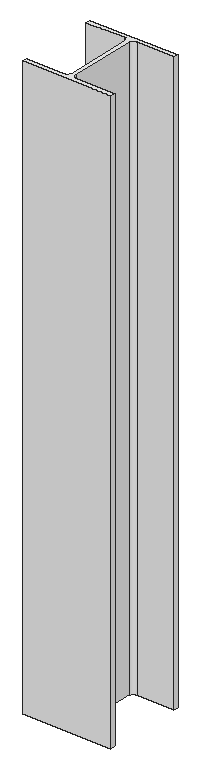
Revit family "M_HP Formas-Coluna", category Pilares estruturais, Revit 2019
Family settings
  Forma do corte = Forma I do flange largo
  Material para o comportamento do modelo = Aço
  Exportar sempre como geometria = Não
  Redução da viga na planta = Da caixa de vinculação
  Family Name Key = M_HP Shapes-Column
  Nome do código = AISC 14.1
  Número OmniClass = 23.25.30.11.14.11
  Título OmniClass = Columns
  ID de item do Seek = HP-Shapes-Column-0000-CAN-ENU
  Corte com vazios quando carregada = Não
  Representação simbólica = Das configurações de projeto
  Compartilhado = Não
  Exibir o pré-corte da família na vista da planta = Sim
Parameters (values of type "HP360X152")
  Largura = 376.00 mm
  Espessura da teia = 17.90 mm
  Concordância da teia = 17.20 mm
  Constante da empena = 4510000000000.0 mm6
  Momento de inércia de torção = 2240000.00 mm4
  Structural Material [instance] = Aço, 45-345
  Section Name Key = ""
  Área de corte = 19400.0 mm²
  Eixo fraco do módulo plástico = 1290000.0 mm³
  Eixo forte do módulo plástico = 2770000.0 mm³
  Peso nominal = 152.00 kgf/m
  Eixo fraco do momento de inércia = 158000000.00 mm4
  Eixo forte do momento de inércia = 437000000.00 mm4
  Altura = 356.00 mm
  Espessura do flange = 17.90 mm
  Eixo fraco do módulo de elasticidade = 842000.0 mm³
  Eixo forte do módulo de elasticidade = 2460000.0 mm³
  Centróide vertical = Altura / 2  # 178.000 mm
  Centróide horizontal = Largura / 2  # 188.000 mm
  Espaçamento do parafuso = 139.7 mm
  Assembly Code = ""
Types (2, lengths in mm): name | Largura | Espessura da teia | Concordância da teia | Constante da empena | Momento de inércia de torção | Área de corte | Eixo fraco do módulo plástico | Eixo forte do módulo plástico | Peso nominal | Eixo fraco do momento de inércia | Eixo forte do momento de inércia | Altura | Espessura do flange | Eixo fraco do módulo de elasticidade | Eixo forte do módulo de elasticidade | Centróide vertical | Centróide horizontal
  HP310X93 | 307.00 | 13.10 | 18.70 | 1340000000000.0 mm6 | 762000.00 mm4 | 11900.0 mm² | 634000.0 mm³ | 1450000.0 mm³ | 93.00 kgf/m | 63700000.00 mm4 | 196000000.00 mm4 | 302.00 | 13.10 | 415000.0 mm³ | 1300000.0 mm³ | 151.000 | 153.500
  HP360X152 | 376.00 | 17.90 | 17.20 | 4510000000000.0 mm6 | 2240000.00 mm4 | 19400.0 mm² | 1290000.0 mm³ | 2770000.0 mm³ | 152.00 kgf/m | 158000000.00 mm4 | 437000000.00 mm4 | 356.00 | 17.90 | 842000.0 mm³ | 2460000.0 mm³ | 178.000 | 188.000
Reference planes
  plane 1: y = 0
  plane 2: z = 0
  plane 3: x = 0
  plane 4: x = -188
  plane 5: x = 188
  plane 6: y = 178
  plane 7: y = -178
Forms (mm)
  Extrusion 1, solid, material "Aço, 45-345" <- "Structural Material", detail levels medium
    sketch origin (0, 0, 0) x (1, 0, 0) y (0, 1, 0)
      loop
        line (-188, 178) -> (-188, 160.1) -> (-8.95, 160.1) -> (-8.95, -160.1) -> (-188, -160.1) -> (-188, -178) -> (188, -178) -> (188, -160.1) -> (8.95, -160.1) -> (8.95, 160.1) -> (188, 160.1) -> (188, 178) -> (-188, 178)
    from 0 to 2500
  Extrusion 2, solid, material "Aço, 45-345" <- "Structural Material", detail levels fine
    sketch origin (0, 0, 0) x (1, 0, 0) y (0, 1, 0)
      loop
        line (-188, 178) -> (-188, 160.1) -> (-26.15, 160.1)
        arc (-26.15, 160.1) -> (-13.988, 155.062) -> (-8.95, 142.9) r 17.2
        line (-8.95, 142.9) -> (-8.95, -142.9)
        arc (-8.95, -142.9) -> (-13.988, -155.062) -> (-26.15, -160.1) r 17.2
        line (-26.15, -160.1) -> (-188, -160.1) -> (-188, -178) -> (188, -178) -> (188, -160.1) -> (26.15, -160.1)
        arc (26.15, -160.1) -> (13.988, -155.062) -> (8.95, -142.9) r 17.2
        line (8.95, -142.9) -> (8.95, 142.9)
        arc (8.95, 142.9) -> (13.988, 155.062) -> (26.15, 160.1) r 17.2
        line (26.15, 160.1) -> (188, 160.1) -> (188, 178) -> (-188, 178)
    from 0 to 2500
Lines and regions (mm)
  symbolic lines, style "StructuralColumnStickSymbols", detail levels coarse
    curve 1: line (-188, 178, 0) -> (188, 178, 0)
    curve 2: line (-188, -178, 0) -> (188, -178, 0)
    curve 3: line (0, 178, 0) -> (0, -178, 0)
  symbolic lines, style "Faces ocultas", detail levels medium+fine
    curve 4: line (-8.95, 0, 0) -> (-8.95, 0, 2500)
    curve 5: line (8.95, 0, 2500) -> (8.95, 0, 0)
Dimensions and locks
  equal spacing: plane 4, plane 3, plane 5
  equal spacing: plane 7, plane 1, plane 6
  "Altura": plane 7 to plane 6
  "Largura": plane 4 to plane 5
  "Espessura do flange": plane 7 to Extrusion 1 sketch curve
  "Espessura do flange": Extrusion 1 sketch curve to plane 6
  equal spacing: Extrusion 1 sketch curve, plane 3, Extrusion 1 sketch curve
  "Espessura da teia": Extrusion 1 sketch curve to Extrusion 1 sketch curve
  "Concordância da teia": radius of Extrusion 2 sketch curve  (x4)
  aligned and locked: plane 6 to Extrusion 1 sketch curve
  aligned and locked: Extrusion 1 sketch curve to plane 7
  aligned and locked: Extrusion 1 sketch curve to plane 4  (x2)
  aligned and locked: plane 5 to Extrusion 1 sketch curve  (x2)
  aligned and locked: Extrusion 1 sketch curve to Extrusion 1 sketch curve  (x2)
  aligned and locked: level to Extrusion 1
  aligned and locked: level to plane 2
  aligned and locked: Extrusion 1 to plane 2
  aligned and locked: plane 6 to Extrusion 2 sketch curve
  aligned and locked: plane 5 to Extrusion 2 sketch curve  (x2)
  aligned and locked: Extrusion 2 sketch curve to plane 4  (x2)
  aligned and locked: Extrusion 2 sketch curve to Extrusion 1  (x6)
  aligned and locked: Extrusion 2 sketch curve to plane 7
  aligned and locked: level to Extrusion 2
  aligned and locked: Extrusion 2 to level
  aligned and locked: curve 4 to Extrusion 1
  aligned and locked: curve 5 to Extrusion 1
Automatic sketch dimensions
  curve 2 to plane 4 = 0.00 mm
  curve 1 to plane 4 = 0.00 mm
  curve 3 to plane 3 = 0.00 mm
  curve 2 to plane 5 = 0.00 mm
  curve 1 to plane 5 = 0.00 mm
  curve 3 to plane 7 = 0.00 mm
  curve 3 to plane 6 = 0.00 mm
  curve 4 to level = 0.00 mm  (x2)
  curve 5 to level = 0.00 mm  (x2)
Types in the file's own list only (19): name | Largura | Espessura da teia | Concordância da teia | Constante da empena | Momento de inércia de torção | Chave do nome do corte | Área de corte | Eixo fraco do módulo plástico | Eixo forte do módulo plástico | Peso nominal | Eixo fraco do momento de inércia | Eixo forte do momento de inércia | Altura | Espessura do flange | Eixo fraco do módulo de elasticidade | Eixo forte do módulo de elasticidade | Centróide vertical | Centróide horizontal | Espaçamento do parafuso
  HP460X304 | 459.740 mm | 28.700 mm | 29.974 mm | 22200000000000.0 mm6 | 12300000.00 mm4 | HP18X204 | 38800.0 mm² | 3130000.0 mm³ | 7100000.0 mm³ | 304.00 kgf/m | 466000000.00 mm4 | 1450000000.00 mm4 | 465.000 mm | 28.700 mm | 2030000.0 mm³ | 6230000.0 mm³ | 232.500 mm | 229.870 mm | 190.5 mm
  HP460X269 | 457.200 mm | 25.400 mm | 29.972 mm | 18900000000000.0 mm6 | 8620000.00 mm4 | HP18X181 | 34300.0 mm² | 2740000.0 mm³ | 6210000.0 mm³ | 269.00 kgf/m | 405000000.00 mm4 | 1260000000.00 mm4 | 457.200 mm | 25.400 mm | 1770000.0 mm³ | 5510000.0 mm³ | 228.600 mm | 228.600 mm | 190.5 mm
  HP460X234 | 454.660 mm | 22.100 mm | 29.970 mm | 15800000000000.0 mm6 | 5790000.00 mm4 | HP18X157 | 29800.0 mm² | 2340000.0 mm³ | 5360000.0 mm³ | 234.00 kgf/m | 347000000.00 mm4 | 1070000000.00 mm4 | 450.596 mm | 22.100 mm | 1530000.0 mm³ | 4750000.0 mm³ | 225.298 mm | 227.330 mm | 190.5 mm
  HP460X202 | 452.120 mm | 19.100 mm | 29.922 mm | 13300000000000.0 mm6 | 3800000.00 mm4 | HP18X135 | 25700.0 mm² | 2000000.0 mm³ | 4600000.0 mm³ | 202.00 kgf/m | 294000000.00 mm4 | 916000000.00 mm4 | 444.500 mm | 19.100 mm | 1300000.0 mm³ | 4110000.0 mm³ | 222.250 mm | 226.060 mm | 190.5 mm
  HP410X272 | 414.000 mm | 28.700 mm | 29.974 mm | 13000000000000.0 mm6 | 11200000.00 mm4 | HP16X183 | 34900.0 mm² | 2560000.0 mm³ | 5720000.0 mm³ | 272.00 kgf/m | 340000000.00 mm4 | 1040000000.00 mm4 | 419.100 mm | 28.700 mm | 1640000.0 mm³ | 4980000.0 mm³ | 209.550 mm | 207.000 mm | 139.7 mm
  HP410X242 | 408.940 mm | 25.400 mm | 29.972 mm | 11000000000000.0 mm6 | 7830000.00 mm4 | HP16X162 | 30800.0 mm² | 2200000.0 mm³ | 5010000.0 mm³ | 242.00 kgf/m | 290000000.00 mm4 | 912000000.00 mm4 | 414.000 mm | 25.400 mm | 1420000.0 mm³ | 4410000.0 mm³ | 207.000 mm | 204.470 mm | 139.7 mm
  HP410X211 | 406.400 mm | 22.200 mm | 30.124 mm | 9210000000000.0 mm6 | 5370000.00 mm4 | HP16X141 | 26900.0 mm² | 1900000.0 mm³ | 4330000.0 mm³ | 211.00 kgf/m | 249000000.00 mm4 | 778000000.00 mm4 | 406.400 mm | 22.200 mm | 1230000.0 mm³ | 3830000.0 mm³ | 203.200 mm | 203.200 mm | 139.7 mm
  HP410X181 | 403.860 mm | 19.100 mm | 29.922 mm | 7650000000000.0 mm6 | 3480000.00 mm4 | HP16X121 | 23100.0 mm² | 1600000.0 mm³ | 3700000.0 mm³ | 181.00 kgf/m | 210000000.00 mm4 | 662000000.00 mm4 | 401.000 mm | 19.100 mm | 1040000.0 mm³ | 3290000.0 mm³ | 200.500 mm | 201.930 mm | 139.7 mm
  HP410X151 | 401.320 mm | 15.900 mm | 30.074 mm | 6120000000000.0 mm6 | 2110000.00 mm4 | HP16X101 | 19300.0 mm² | 1310000.0 mm³ | 3060000.0 mm³ | 151.00 kgf/m | 171000000.00 mm4 | 541000000.00 mm4 | 393.700 mm | 15.900 mm | 855000.0 mm³ | 2750000.0 mm³ | 196.850 mm | 200.660 mm | 139.7 mm
  HP410X131 | 398.780 mm | 13.700 mm | 29.988 mm | 5100000000000.0 mm6 | 1440000.00 mm4 | HP16X88 | 16600.0 mm² | 1120000.0 mm³ | 2640000.0 mm³ | 131.00 kgf/m | 145000000.00 mm4 | 462000000.00 mm4 | 389.382 mm | 13.700 mm | 729000.0 mm³ | 2380000.0 mm³ | 194.691 mm | 199.390 mm | 139.7 mm
  HP360X174 | 378.000 mm | 20.400 mm | 17.700 mm | 5340000000000.0 mm6 | 3340000.00 mm4 | HP14X117 | 22200.0 mm² | 1500000.0 mm³ | 3180000.0 mm³ | 174.00 kgf/m | 184000000.00 mm4 | 508000000.00 mm4 | 361.000 mm | 20.400 mm | 975000.0 mm³ | 2820000.0 mm³ | 180.500 mm | 189.000 mm | 139.7 mm
  HP360X132 | 373.000 mm | 15.600 mm | 17.700 mm | 3810000000000.0 mm6 | 1490000.00 mm4 | HP14X89 | 16800.0 mm² | 1110000.0 mm³ | 2390000.0 mm³ | 132.00 kgf/m | 136000000.00 mm4 | 376000000.00 mm4 | 351.000 mm | 15.600 mm | 726000.0 mm³ | 2150000.0 mm³ | 175.500 mm | 186.500 mm | 139.7 mm
  HP360X108 | 371.000 mm | 12.800 mm | 17.400 mm | 3010000000000.0 mm6 | 837000.00 mm4 | HP14X73 | 13800.0 mm² | 895000.0 mm³ | 1930000.0 mm³ | 108.00 kgf/m | 109000000.00 mm4 | 303000000.00 mm4 | 345.000 mm | 12.800 mm | 587000.0 mm³ | 1750000.0 mm³ | 172.500 mm | 185.500 mm | 139.7 mm
  HP310X125 | 312.000 mm | 17.400 mm | 17.700 mm | 1920000000000.0 mm6 | 1760000.00 mm4 | HP12X84 | 15900.0 mm² | 872000.0 mm³ | 1970000.0 mm³ | 125.00 kgf/m | 88700000.00 mm4 | 271000000.00 mm4 | 312.000 mm | 17.400 mm | 567000.0 mm³ | 1740000.0 mm³ | 156.000 mm | 156.000 mm | 139.7 mm
  HP310X110 | 310.000 mm | 15.400 mm | 17.800 mm | 1650000000000.0 mm6 | 1240000.00 mm4 | HP12X74 | 14100.0 mm² | 764000.0 mm³ | 1720000.0 mm³ | 110.00 kgf/m | 77400000.00 mm4 | 237000000.00 mm4 | 307.000 mm | 15.500 mm | 498000.0 mm³ | 1540000.0 mm³ | 153.500 mm | 155.000 mm | 139.7 mm
  HP310X79 | 305.000 mm | 11.000 mm | 17.700 mm | 1100000000000.0 mm6 | 466000.00 mm4 | HP12X53 | 10000.0 mm² | 528000.0 mm³ | 1210000.0 mm³ | 79.00 kgf/m | 52900000.00 mm4 | 164000000.00 mm4 | 300.000 mm | 11.000 mm | 346000.0 mm³ | 1090000.0 mm³ | 150.000 mm | 152.500 mm | 139.7 mm
  HP250X85 | 259.000 mm | 14.400 mm | 17.400 mm | 602000000000.0 mm6 | 820000.00 mm4 | HP10X57 | 10800.0 mm² | 497000.0 mm³ | 1090000.0 mm³ | 85.00 kgf/m | 42000000.00 mm4 | 122000000.00 mm4 | 254.000 mm | 14.400 mm | 323000.0 mm³ | 964000.0 mm³ | 127.000 mm | 129.500 mm | 139.7 mm
  HP250X62 | 257.000 mm | 10.500 mm | 18.000 mm | 414000000000.0 mm6 | 338000.00 mm4 | HP10X42 | 8000.0 mm² | 357000.0 mm³ | 791000.0 mm³ | 62.00 kgf/m | 29800000.00 mm4 | 87400000.00 mm4 | 246.000 mm | 10.700 mm | 233000.0 mm³ | 711000.0 mm³ | 123.000 mm | 128.500 mm | 139.7 mm
  HP200X53 | 207.000 mm | 11.300 mm | 17.400 mm | 155000000000.0 mm6 | 320000.00 mm4 | HP8X36 | 6840.0 mm² | 249000.0 mm³ | 551000.0 mm³ | 53.00 kgf/m | 16800000.00 mm4 | 49500000.00 mm4 | 204.000 mm | 11.300 mm | 162000.0 mm³ | 488000.0 mm³ | 102.000 mm | 103.500 mm | 139.7 mm
